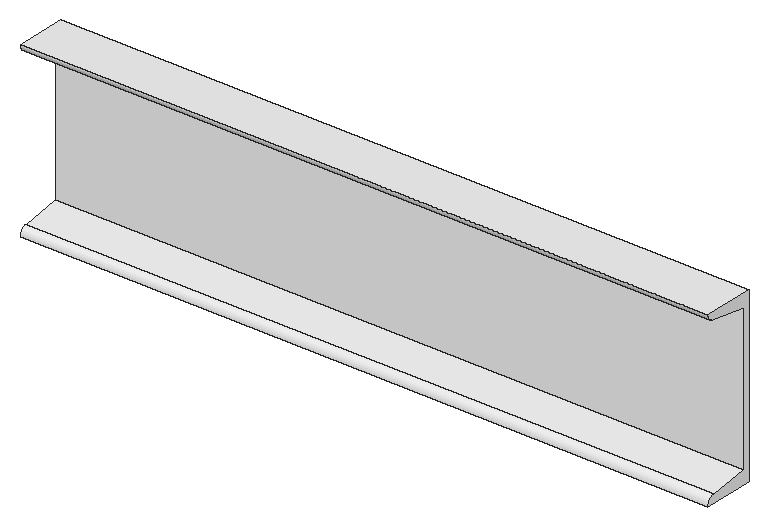
Revit family
Parameters (values of type "C305x89")
  Start Extension Calculation [instance] = 3012.5 mm + Start Extension  # 3000 mm
  Start Extension [instance] = -12.5 mm
  End Extension Calculation [instance] = 3012.5 mm + End Extension  # 3000 mm
  End Extension [instance] = -12.5 mm
  Beam Material [instance] = Metal - Steel - 345 MPa
  Assembly Code = ""
  A = 0.005 m²
  Length [instance] = 1500 mm
  W = 0.40884
  bf = 88.9 mm
  d = 304.8 mm
  tf = 13.7 mm
  tw = 10.2 mm
  x = 21.8 mm
Reference planes
  plane 1 "Center (Front/Back)": y = 0
  plane 2: z = 0
  plane 3 "Center (Left/Right)": x = 4.61
  plane 4 "Member Left": x = -604.99
  plane 5 "Member Right": x = 614.21
  plane 6: y = 21.8
  plane 7: y = -67.1
  plane 8 "Top": z = 152.4
  plane 9: z = -152.4
  plane 10 "Left": x = -757.39
  plane 11 "Right": x = 742.61
  plane 12: x = -604.99
  plane 13: x = 614.21
  plane 14: x = 2395.01
  plane 15: x = -2385.79
Forms (mm)
  Sweep 1, solid, material "Metal - Steel - 345 MPa" <- "Beam Material", detail levels medium
    path origin (0, 0, 0) x (1, 0, 0) y (0, 1, 0)
      loop
        line (614.21, 0) -> (-604.99, 0)
    profile "M_C-Channel-Profile-Medium : M_C-Channel-Profile-Medium" origin (4.61, 0, 0) x (0, -1, 0) y (0, 0, 1)
      loop
        line (-21.8, -152.4) -> (67.1, -152.4) -> (67.1, -138.7) -> (-11.6, -126.235) -> (-11.6, 126.235) -> (67.1, 138.7) -> (67.1, 152.4) -> (-21.8, 152.4) -> (-21.8, -152.4)
  Sweep 2, solid, material "Metal - Steel - 345 MPa" <- "Beam Material", detail levels fine
    path origin (0, 0, 0) x (1, 0, 0) y (0, 1, 0)
      loop
        line (614.21, 0) -> (-604.99, 0)
    profile "M_C-Channel-Profile-Fine : M_C-Channel-Profile-Fine" origin (4.61, 0, 0) x (0, -1, 0) y (0, 0, 1)
      loop
        line (-21.8, -152.4) -> (67.1, -152.4)
        arc (67.1, -152.4) -> (63.087, -142.713) -> (53.4, -138.7) r 13.7
        line (53.4, -138.7) -> (-11.6, -128.405) -> (-11.6, 128.405) -> (53.4, 138.7)
        arc (53.4, 138.7) -> (63.087, 142.713) -> (67.1, 152.4) r 13.7
        line (67.1, 152.4) -> (-21.8, 152.4) -> (-21.8, -152.4)
Lines and regions (mm)
  symbolic lines, style "Hidden Faces", detail levels medium+fine
    curve 1: line (-604.99, 0, 0) -> (614.21, 0, 0)
    curve 2: line (-604.99, 4.762, 130.9) -> (614.21, 4.762, 130.9)
    curve 3: line (-604.99, 4.763, -130.9) -> (614.21, 4.763, -130.9)
  symbolic lines, style "Stick Symbols", detail levels coarse
    curve 4: line (4.61, 21.8, 152.4) -> (4.61, -67.1, 152.4)
    curve 5: line (4.61, 21.8, -152.4) -> (4.61, 21.8, 152.4)
    curve 6: line (4.61, -67.1, -152.4) -> (4.61, 21.8, -152.4)
Dimensions and locks
  "bf": plane 6 to plane 7
  "d": plane 9 to plane 8 "Top"
  "x": plane 6 to plane 1 "Center (Front/Back)"
  equal spacing: plane 9, plane 2, plane 8 "Top"
  "Length": plane 10 "Left" to plane 11 "Right"
  locked: plane 4 "Member Left" to plane 14 at 3000
  locked: plane 15 to plane 5 "Member Right" at 3000
  "Start Extension Calculation": plane 12 to plane 14
  "End Extension Calculation": plane 15 to plane 13
  aligned and locked: Sweep 1 sketch curve to plane 1 "Center (Front/Back)"
  aligned and locked: Sweep 2 sketch curve to plane 1 "Center (Front/Back)"
  aligned and locked: curve 4 to Sweep 2
  aligned and locked: curve 5 to Sweep 2
  aligned and locked: Sweep 2 to curve 6
  aligned and locked: Sweep 1 to curve 4
  aligned and locked: curve 6 to Sweep 1
  aligned and locked: plane 12 to Sweep 2 sketch curve
  aligned and locked: plane 13 to Sweep 2 sketch curve
  aligned and locked: plane 12 to Sweep 1 sketch curve
  aligned and locked: plane 13 to Sweep 1 sketch curve
  aligned and locked: plane 12 to curve 1
  aligned and locked: plane 13 to curve 1
Automatic sketch dimensions
  curve 1 to plane 1 "Center (Front/Back)" = 0 mm
  curve 3 to plane 4 "Member Left" = 0 mm
  curve 2 to plane 4 "Member Left" = 0 mm
  curve 3 to plane 5 "Member Right" = 0 mm
  curve 2 to plane 5 "Member Right" = 0 mm
  curve 3 to plane 9 = 21.5 mm
  plane 8 "Top" to curve 2 = 21.5 mm
